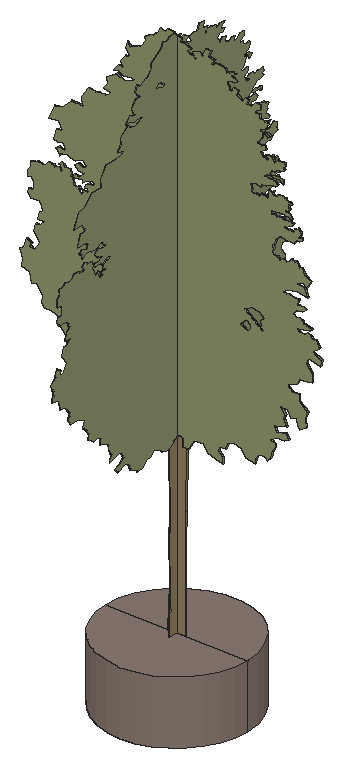
Revit family "L-PL상록교목_후박나무", category 수목, Revit 2019
Family settings
  OmniClass 번호 = 23.40.05.00
  OmniClass 제목 = Plants and Planting Products
  작업 기준면 기반 = 아니오
  항상 수직 = 예
  로드될 때 보이드를 사용하여 절단 = 아니오
  렌더 모양 소스 = 패밀리 형상
  공유 = 아니오
Parameters (values of type "후박나무")
  한국산업규격KS = ""
  콘 높이 = 뿌리분 직경 / 4  # 272.5 mm
  조달청표준공사코드-세부공종 = "10161599202809"
  뿌리분 직경 = (24 mm + ((R / 10) - 3 mm) * 5) * 10  # 1090 mm
  뿌리분 높이 = 뿌리분 직경 / 2  # 545 mm
  높이 = 5000 mm
  건설정보분류체계-부위분류 = "E985"
  R = 200 mm
  LIM_INFO_주의사항 = "재배포, 재가공, 판매 금지"
  LIM_INFO_제작일 = "20211210"
  LIM_INFO_버전 = "2022_V01"
  LIM_INFO_PL_학명 = "Quercus myrsinaefolia Bl."
  LIM_INFO_PL_품명 = "가시나무"
  LIM_INFO_PL_주당인정수량 = 0
  LIM_INFO_PL_수목단위 = "주"
  LIM_INFO_PL_규격 = "5.0H X 18R"
  LIM_INFO_PL_구분 = "상록교목"
  LIM_INFO_PL_가격 = 0
  LIM_INFO_PL_Qty [instance] = 0
  LIM_INFO_PL_M2당수량 = 0
  KBIMS_식별-버전 = ""
  KBIMS_식별-bSK등록번호 = ""
  KBIMS_보급정보-저작자 = "림인포테크_MMJ"
  KBIMS_보급정보-보급코드 = ""
  H = 높이  # 5000 mm
Reference planes
  plane 1 "중심(앞/뒤)": y = 0
  plane 2: z = 0
  plane 3 "중심(왼쪽/오른쪽)": x = 0
  plane 4: x = 482.5
  plane 5: x = -607.5
  plane 6: z = -545
  plane 7: z = -817.5
  plane 8: z = 5000
  plane 9: x = -100
  plane 10: x = 100
Forms (mm)
  Revolve 1, solid, material "흙"
    sketch origin (0, 0, 0) x (1, 0, 0) y (0, 0, 1)
      loop
        line (0, 0) -> (-607.5, 0) -> (-607.5, -545) -> (0, -545) -> (0, 0)
      axis (0, 0) -> (0, -545)
    angle from 0 to 360
  Revolve 2, solid, material "흙"
    sketch origin (0, 0, 0) x (1, 0, 0) y (0, 0, 1)
      loop
        line (0, -545) -> (-607.5, -545) -> (0, -817.5) -> (0, -545)
      axis (0, -545) -> (0, -817.5)
    angle from 0 to 360
Dimensions and locks
  "뿌리분 직경": plane 4 to plane 5
  "뿌리분 높이": plane 6 to level
  "콘 높이": plane 7 to plane 6
  "H": level to plane 8
  "R": plane 9 to plane 10
  aligned and locked: level to plane 2
Automatic sketch dimensions
  Revolve 1 sketch curve to level = 0 mm  (x2)
  Revolve 1 sketch curve to plane 5 = 0 mm
  Revolve 1 sketch curve to plane 3 "중심(왼쪽/오른쪽)" = 0 mm  (x2)
  Revolve 1 sketch curve to plane 6 = 0 mm  (x2)
  Revolve 2 sketch curve to plane 5 = 0 mm
  Revolve 2 sketch curve to plane 3 "중심(왼쪽/오른쪽)" = 0 mm  (x2)
  Revolve 2 sketch curve to plane 7 = 0 mm  (x2)
  Revolve 2 sketch curve to plane 6 = 0 mm  (x2)
Nested families
  nested 1: "후박나무_base" at (0, 0, 0), type "후박나무_base"
Definition of nested family "후박나무_base"
  Parameters (values of type "후박나무_base")
    Height = 6000 mm
  Reference planes
    plane 1 "중심(앞/뒤)": y = 0
    plane 2: z = 0
    plane 3 "중심(왼쪽/오른쪽)": x = 0
  Forms (mm)
    Revolve 1, solid, detail levels coarse
      sketch origin (0, 0, 0) x (1, 0, 0) y (0, 0, 1)
        loop
          line (0, 0) -> (0, 4522.788)
          arc (0, 4522.788) -> (-1127.292, 2987.337) -> (-75, 1399.547) r 1664.24
          line (-75, 1399.547) -> (-75, 0) -> (0, 0)
        axis (0, 4522.788) -> (0, 0)
      angle from 0 to 360
    Extrusion 2, solid, detail levels fine
      sketch origin (0, 0, 0) x (1, 0, 0) y (0, 0, 1)
        loop
          line (-1167.888, 2574.803) -> (-1210.711, 2503.072) -> (-1250.062, 2523.897) -> (-1235.016, 2548.193) -> (-1274.367, 2573.646) -> (-1303.301, 2497.287) -> (-1336.865, 2471.834) -> (-1312.56, 2409.358) -> (-1324.134, 2341.098) -> (-1253.534, 2321.429) -> (-1234.368, 2245.396) -> (-1195.648, 2248.264) -> (-1141.154, 2180.887) -> (-1150.475, 2119.962) -> (-1126.814, 2086.273) -> (-1067.3, 2086.273) -> (-976.587, 2057.967) -> (-998.264, 1996.382) -> (-969.742, 1973.573) -> (-933.233, 1926.813) -> (-937.797, 1886.897) -> (-886.457, 1850.402) -> (-839.681, 1860.666) -> (-810.018, 1836.716) -> (-812.3, 1791.097) -> (-763.557, 1782.382) -> (-722.293, 1761.047) -> (-720.159, 1716.954) -> (-705.219, 1677.128) -> (-680.318, 1666.46) -> (-708.776, 1635.168) -> (-708.077, 1607.529) -> (-651.478, 1627.898) -> (-599.406, 1648.266) -> (-564.315, 1580.372) -> (-606.198, 1546.424) -> (-656.006, 1530.582) -> (-625.442, 1500.03) -> (-551.863, 1529.451) -> (-512.243, 1515.872) -> (-489.604, 1460.424) -> (-427.344, 1435.53) -> (-413.76, 1414.03) -> (-361.689, 1419.688) -> (-326.597, 1459.293) -> (-279.054, 1464.951) -> (-238.302, 1502.293) -> (-182.834, 1480.793) -> (-150.77, 1447.904) -> (-105.534, 1433.772) -> (-25.664, 1455.676) -> (24.52, 1517.853) -> (59.236, 1506.445) -> (54.817, 1443.717) -> (104.311, 1438.416) -> (153.804, 1519.256) -> (229.813, 1524.557) -> (265.885, 1473.029) -> (337.418, 1450.595) -> (397.029, 1430.966) -> (397.73, 1484.246) -> (361.262, 1519.298) -> (365.47, 1548.742) -> (422.977, 1555.051) -> (439.107, 1598.516) -> (492.406, 1628.661) -> (561.133, 1604.125) -> (590.588, 1548.041) -> (676.848, 1527.71) -> (678.251, 1568.371) -> (707.705, 1606.228) -> (753.357, 1607.484) -> (778.955, 1586.346) -> (807.891, 1618.61) -> (822.36, 1682.025) -> (846.845, 1712.064) -> (844.619, 1739.877) -> (805.665, 1762.128) -> (856.861, 1789.942) -> (920.707, 1794.541) -> (960.669, 1813.405) -> (940.688, 1855.572) -> (859.654, 1838.927) -> (841.893, 1879.984) -> (943.931, 1907.762) -> (917.334, 1966.255) -> (933.292, 1991.07) -> (890.737, 2044.246) -> (949.251, 2038.928) -> (974.075, 1983.98) -> (1029.043, 1999.933) -> (1032.589, 1944.985) -> (1052.094, 1921.942) -> (1108.835, 1960.938) -> (1103.515, 2021.203) -> (1124.793, 2079.696) -> (1052.094, 2143.506) -> (1052.094, 2191.364) -> (993.58, 2191.364) -> (949.251, 2226.814) -> (1032.589, 2265.809) -> (1055.64, 2303.032) -> (1122.803, 2317.568) -> (1160.04, 2321.113) -> (1160.04, 2390.241) -> (1113.938, 2450.506) -> (1126.35, 2489.502) -> (1232.739, 2470.004) -> (1243.378, 2519.634) -> (1160.04, 2558.629) -> (1223.873, 2604.715) -> (1196.788, 2659.968) -> (1164.381, 2656.522) -> (1149.902, 2672.375) -> (1116.805, 2686.849) -> (1104.394, 2666.172) -> (1051.992, 2671.686) -> (1039.581, 2687.539) -> (1084.399, 2701.324) -> (1140.938, 2707.527) -> (1159.555, 2728.205) -> (1125.769, 2739.233) -> (1086.467, 2747.504) -> (1086.467, 2763.357) -> (1051.992, 2777.831) -> (1024.411, 2766.803) -> (998.21, 2787.481) -> (1028.548, 2827.458) -> (1077.503, 2835.729) -> (1110.139, 2857.07) -> (1083.775, 2870.247) -> (1032.144, 2868.051) -> (1049.72, 2918.565) -> (1010.173, 2913.074) -> (958.543, 2927.35) -> (906.912, 2925.153) -> (954.149, 2955.901) -> (1033.242, 2971.275) -> (1121.124, 2956.999) -> (1096.957, 3020.69) -> (1006.878, 3032.77) -> (1079.38, 3054.732) -> (1115.632, 3031.672) -> (1152.982, 3090.97) -> (1098.055, 3121.718) -> (1076.225, 3169.518) -> (1055.728, 3159.957) -> (1034.547, 3202.302) -> (1001.069, 3196.155) -> (984.671, 3207.083) -> (972.373, 3190.008) -> (947.776, 3168.835) -> (904.049, 3177.714) -> (886.285, 3159.274) -> (866.471, 3181.812) -> (828.209, 3179.763) -> (810.445, 3205.717) -> (831.625, 3224.158) -> (824.793, 3258.99) -> (840.508, 3267.186) -> (850.756, 3307.482) -> (892.434, 3345.047) -> (946.059, 3326.648) -> (977.505, 3335.994) -> (1005.976, 3331.746) -> (1026.799, 3356.809) -> (1052.296, 3358.508) -> (1078.217, 3373.8) -> (1075.668, 3392.916) -> (1046.43, 3390.622) -> (1066.007, 3413.1) -> (1065.159, 3441.911) -> (1043.544, 3458.858) -> (1026.166, 3441.911) -> (1010.484, 3441.487) -> (1004.974, 3423.268) -> (938.855, 3422.845) -> (928.259, 3431.742) -> (951.57, 3440.64) -> (971.491, 3457.587) -> (989.716, 3457.587) -> (1004.127, 3478.348) -> (959.199, 3491.058) -> (943.517, 3478.771) -> (923.597, 3485.55) -> (882.484, 3492.753) -> (855.359, 3485.127) -> (846.458, 3497.837) -> (816.789, 3494.871) -> (815.518, 3510.971) -> (844.339, 3512.666) -> (861.716, 3526.224) -> (880.365, 3518.174) -> (907.491, 3526.224) -> (935.041, 3518.174) -> (950.299, 3520.292) -> (986.749, 3502.498) -> (991.411, 3515.632) -> (975.415, 3540.398) -> (935.574, 3555.923) -> (955.157, 3559.973) -> (972.038, 3578.199) -> (961.909, 3590.349) -> (959.884, 3610.599) -> (989.595, 3619.375) -> (973.389, 3632.875) -> (947.054, 3628.825) -> (937.6, 3651.1) -> (897.084, 3658.526) -> (876.151, 3646.375) -> (849.816, 3630.85) -> (833.61, 3638.95) -> (814.027, 3659.876) -> (784.991, 3661.901) -> (787.016, 3621.4) -> (776.212, 3602.499) -> (760.006, 3612.624) -> (726.918, 3616) -> (713.413, 3595.749) -> (685.052, 3601.824) -> (663.443, 3587.649) -> (633.056, 3601.824) -> (643.861, 3610.599) -> (638.459, 3642.325) -> (633.056, 3659.201) -> (669.521, 3674.051) -> (720.165, 3663.251) -> (727.593, 3680.126) -> (770.512, 3686.687) -> (804.955, 3709.816) -> (844.131, 3707.451) -> (867.688, 3726.576) -> (844.709, 3754.559) -> (794.155, 3748.712) -> (757.807, 3761.241) -> (772.43, 3775.859) -> (794.509, 3783.976) -> (817.012, 3818.551) -> (840.347, 3820.633) -> (860.766, 3842.295) -> (893.27, 3841.878) -> (927.857, 3861.456) -> (914.522, 3877.286) -> (930.774, 3891.865) -> (926.19, 3921.024) -> (891.603, 3913.11) -> (862.017, 3915.609) -> (836.597, 3892.282) -> (830.865, 3908.277) -> (817.582, 3929.024) -> (778.149, 3929.024) -> (752.414, 3914.086) -> (786.866, 3901.638) -> (785.205, 3875.082) -> (744.527, 3899.563) -> (720.037, 3933.588) -> (763.206, 3963.463) -> (758.64, 3991.679) -> (717.962, 3981.72) -> (695.962, 3989.604) -> (689.736, 4004.956) -> (710.905, 4011.181) -> (733.32, 4045.205) -> (734.571, 4080.127) -> (715.965, 4088.393) -> (718.033, 4104.099) -> (761.446, 4121.458) -> (785.427, 4158.656) -> (777.158, 4181.389) -> (741.1, 4175.982) -> (712.737, 4189.169) -> (712.737, 4215.543) -> (677.12, 4212.246) -> (675.8, 4228.071) -> (715.376, 4253.126) -> (717.354, 4289.39) -> (676.46, 4288.072) -> (646.778, 4260.379) -> (600.607, 4257.082) -> (617.595, 4292.206) -> (593.254, 4296.809) -> (568.255, 4266.558) -> (516.283, 4298.782) -> (530.098, 4328.376) -> (489.31, 4340.213) -> (472.206, 4314.565) -> (450.496, 4309.962) -> (453.785, 4338.898) -> (428.128, 4362.572) -> (464.149, 4387.274) -> (495.675, 4380.971) -> (519.845, 4397.778) -> (469.404, 4428.242) -> (512.489, 4453.454) -> (468.353, 4456.605) -> (426.319, 4430.343) -> (421.064, 4461.857) -> (368.521, 4475.514) -> (327.538, 4473.413) -> (323.334, 4448.201) -> (303.163, 4459.758) -> (330.485, 4493.374) -> (275.841, 4504.929) -> (295.807, 4552.2) -> (247.468, 4552.2) -> (224.349, 4495.475) -> (195.976, 4509.131) -> (142.382, 4493.374) -> (165.501, 4450.304) -> (85.635, 4480.768) -> (126.619, 4509.131) -> (108.169, 4518.573) -> (81.759, 4535.373) -> (37.343, 4535.373) -> (44.546, 4562.973) -> (-1.071, 4564.173) -> (-21.479, 4590.573) -> (-73.098, 4590.573) -> (-95.906, 4564.173) -> (-136.721, 4579.773) -> (-160.73, 4534.173) -> (-220.752, 4494.573) -> (-268.769, 4465.773) -> (-259.166, 4434.573) -> (-308.384, 4370.973) -> (-325.19, 4375.773) -> (-388.814, 4345.772) -> (-417.624, 4375.773) -> (-434.43, 4322.972) -> (-392.415, 4268.972) -> (-436.243, 4261.75) -> (-474.493, 4210.13) -> (-449.63, 4160.422) -> (-493.619, 4169.981) -> (-535.695, 4118.361) -> (-503.182, 4129.832) -> (-449.63, 4104.978) -> (-384.604, 4112.626) -> (-348.265, 4097.331) -> (-443.893, 4064.829) -> (-508.919, 4099.243) -> (-593.071, 4041.887) -> (-583.508, 3990.267) -> (-623.672, 3946.295) -> (-560.558, 3934.824) -> (-581.596, 3909.97) -> (-681.031, 3897.294) -> (-745.888, 3903.015) -> (-805.023, 3815.299) -> (-797.392, 3752.372) -> (-894.678, 3758.093) -> (-974.795, 3678.005) -> (-1041.56, 3666.563) -> (-1089.249, 3559.779) -> (-1007.224, 3563.593) -> (-969.073, 3498.759) -> (-1022.484, 3493.038) -> (-1049.975, 3407.257) -> (-1012.095, 3401.317) -> (-967.531, 3406.515) -> (-951.933, 3384.983) -> (-949.705, 3354.542) -> (-1004.668, 3366.421) -> (-1033.635, 3346.375) -> (-1006.896, 3327.07) -> (-1000.211, 3300.342) -> (-980.157, 3321.131) -> (-928.908, 3328.555) -> (-902.17, 3312.964) -> (-858.348, 3310.736) -> (-800.414, 3338.208) -> (-780.36, 3312.964) -> (-755.107, 3292.917) -> (-797.443, 3282.522) -> (-830.867, 3304.054) -> (-868.746, 3272.128) -> (-836.066, 3236.489) -> (-779.618, 3233.519) -> (-826.891, 3200.931) -> (-868.107, 3206.081) -> (-887.978, 3192.102) -> (-865.163, 3175.181) -> (-804.076, 3180.331) -> (-796.716, 3165.616) -> (-770.22, 3186.952) -> (-722.381, 3201.667) -> (-697.357, 3190.631) -> (-707.661, 3171.502) -> (-745.197, 3175.181) -> (-777.58, 3153.109) -> (-784.204, 3126.623) -> (-760.652, 3126.623) -> (-756.972, 3110.437) -> (-798.188, 3106.759) -> (-802.604, 3091.309) -> (-785.676, 3078.066) -> (-821.003, 3076.594) -> (-834.987, 3103.08) -> (-814.379, 3108.23) -> (-831.307, 3127.359) -> (-854.123, 3110.437) -> (-873.994, 3116.323) -> (-879.146, 3152.373) -> (-900.49, 3175.916) -> (-896.074, 3197.988) -> (-906.378, 3231.096) -> (-952.745, 3229.624) -> (-960.981, 3248.276) -> (-981.661, 3258.842) -> (-1004.179, 3234.495) -> (-989.933, 3233.576) -> (-977.065, 3188.556) -> (-1006.936, 3207.85) -> (-1037.267, 3199.581) -> (-1045.998, 3215.66) -> (-1086.439, 3217.497) -> (-1112.633, 3187.178) -> (-1149.856, 3181.206) -> (-1182.944, 3194.988) -> (-1204.083, 3175.694) -> (-1246.362, 3169.262) -> (-1241.096, 3125.22) -> (-1266.721, 3097.408) -> (-1271.114, 3045.444) -> (-1238.167, 3052.763) -> (-1222.2, 3016.579) -> (-1220.83, 2962.268) -> (-1263.102, 2958.382) -> (-1273.121, 2926.973) -> (-1245.343, 2891.012) -> (-1171.714, 2894.382) -> (-1149.949, 2863.922) -> (-1139.792, 2824.759) -> (-1168.812, 2809.529) -> (-1186.949, 2752.961) -> (-1128.909, 2750.06) -> (-1165.91, 2708.722) -> (-1199.137, 2710.167) -> (-1219.97, 2646.534) -> (-1167.888, 2574.803)
        loop
          line (606.754, 2522.479) -> (637.69, 2544.126) -> (637.69, 2582.009) -> (599.02, 2602.883) -> (551.843, 2560.362) -> (606.754, 2522.479)
        loop
          line (708.45, 2705.541) -> (644.544, 2719.054) -> (584.325, 2680.97) -> (735.487, 2570.404) -> (721.969, 2641.658) -> (756.468, 2669.428) -> (708.45, 2705.541)
        loop
          line (-221.695, 4254.365) -> (-168.347, 4241.303) -> (-133.292, 4224.494) -> (-115.861, 4260.845) -> (-146.302, 4260.845) -> (-184.341, 4295.439) -> (-221.695, 4254.365)
        loop
          line (911.975, 3781.288) -> (851.394, 3795.488) -> (804.183, 3780.453) -> (830.086, 3767.924) -> (882.729, 3773.771) -> (914.482, 3748.712) -> (911.975, 3781.288)
        loop
          line (777.319, 4057.653) -> (805.13, 4078.4) -> (782.715, 4094.582) -> (746.603, 4088.358) -> (770.678, 4070.101) -> (777.319, 4057.653)
      from 0 to 5
    Extrusion 3, solid, detail levels fine
      sketch origin (0, 0, 0) x (1, 0, 0) y (0, 0, 1)
        loop
          line (-60.69, 865.823) -> (-66.982, 710.119) -> (-60.139, 361.472) -> (-75, 0) -> (75, 0) -> (75, 169.791) -> (75, 380.891) -> (75, 711.786) -> (80.29, 950.912) -> (88.399, 1437.955) -> (52.62, 1441.528) -> (56.803, 1503.952) -> (24.833, 1514.406) -> (-24.467, 1452.579) -> (-67.791, 1440.931) -> (-67.251, 1411.592) -> (-60.69, 865.823)
      from 0 to 5
    Extrusion 4, solid, detail levels fine
      sketch origin (-6.071, -3.929, 0) x (0, 1, 0) y (0, 0, 1)
        loop
          line (-1167.888, 2574.803) -> (-1210.711, 2503.072) -> (-1250.062, 2523.897) -> (-1235.016, 2548.193) -> (-1274.367, 2573.646) -> (-1303.301, 2497.287) -> (-1336.865, 2471.834) -> (-1312.56, 2409.358) -> (-1324.134, 2341.098) -> (-1253.534, 2321.429) -> (-1234.368, 2245.396) -> (-1195.648, 2248.264) -> (-1141.154, 2180.887) -> (-1150.475, 2119.962) -> (-1126.814, 2086.273) -> (-1067.3, 2086.273) -> (-976.587, 2057.967) -> (-998.264, 1996.382) -> (-969.742, 1973.573) -> (-933.233, 1926.813) -> (-937.797, 1886.897) -> (-886.457, 1850.402) -> (-839.681, 1860.666) -> (-810.018, 1836.716) -> (-812.3, 1791.097) -> (-763.557, 1782.382) -> (-722.293, 1761.047) -> (-720.159, 1716.954) -> (-705.219, 1677.128) -> (-680.318, 1666.46) -> (-708.776, 1635.168) -> (-708.077, 1607.529) -> (-651.478, 1627.898) -> (-599.406, 1648.266) -> (-564.315, 1580.372) -> (-606.198, 1546.424) -> (-656.006, 1530.582) -> (-625.442, 1500.03) -> (-551.863, 1529.451) -> (-512.243, 1515.872) -> (-489.604, 1460.424) -> (-427.344, 1435.53) -> (-413.76, 1414.03) -> (-361.689, 1419.688) -> (-326.597, 1459.293) -> (-279.054, 1464.951) -> (-238.302, 1502.293) -> (-182.834, 1480.793) -> (-150.77, 1447.904) -> (-105.534, 1433.772) -> (-25.664, 1455.676) -> (24.52, 1517.853) -> (59.236, 1506.445) -> (54.817, 1443.717) -> (104.311, 1438.416) -> (153.804, 1519.256) -> (229.813, 1524.557) -> (265.885, 1473.029) -> (337.418, 1450.595) -> (397.029, 1430.966) -> (397.73, 1484.246) -> (361.262, 1519.298) -> (365.47, 1548.742) -> (422.977, 1555.051) -> (439.107, 1598.516) -> (492.406, 1628.661) -> (561.133, 1604.125) -> (590.588, 1548.041) -> (676.848, 1527.71) -> (678.251, 1568.371) -> (707.705, 1606.228) -> (753.357, 1607.484) -> (778.955, 1586.346) -> (807.891, 1618.61) -> (822.36, 1682.025) -> (846.845, 1712.064) -> (844.619, 1739.877) -> (805.665, 1762.128) -> (856.861, 1789.942) -> (920.707, 1794.541) -> (960.669, 1813.405) -> (940.688, 1855.572) -> (859.654, 1838.927) -> (841.893, 1879.984) -> (943.931, 1907.762) -> (917.334, 1966.255) -> (933.292, 1991.07) -> (890.737, 2044.246) -> (949.251, 2038.928) -> (974.075, 1983.98) -> (1029.043, 1999.933) -> (1032.589, 1944.985) -> (1052.094, 1921.942) -> (1108.835, 1960.938) -> (1103.515, 2021.203) -> (1124.793, 2079.696) -> (1052.094, 2143.506) -> (1052.094, 2191.364) -> (993.58, 2191.364) -> (949.251, 2226.814) -> (1032.589, 2265.809) -> (1055.64, 2303.032) -> (1122.803, 2317.568) -> (1160.04, 2321.113) -> (1160.04, 2390.241) -> (1113.938, 2450.506) -> (1126.35, 2489.502) -> (1232.739, 2470.004) -> (1243.378, 2519.634) -> (1160.04, 2558.629) -> (1223.873, 2604.715) -> (1196.788, 2659.968) -> (1164.381, 2656.522) -> (1149.902, 2672.375) -> (1116.805, 2686.849) -> (1104.394, 2666.172) -> (1051.992, 2671.686) -> (1039.581, 2687.539) -> (1084.399, 2701.324) -> (1140.938, 2707.527) -> (1159.555, 2728.205) -> (1125.769, 2739.233) -> (1086.467, 2747.504) -> (1086.467, 2763.357) -> (1051.992, 2777.831) -> (1024.411, 2766.803) -> (998.21, 2787.481) -> (1028.548, 2827.458) -> (1077.503, 2835.729) -> (1110.139, 2857.07) -> (1083.775, 2870.247) -> (1032.144, 2868.051) -> (1049.72, 2918.565) -> (1010.173, 2913.074) -> (958.543, 2927.35) -> (906.912, 2925.153) -> (954.149, 2955.901) -> (1033.242, 2971.275) -> (1121.124, 2956.999) -> (1096.957, 3020.69) -> (1006.878, 3032.77) -> (1079.38, 3054.732) -> (1115.632, 3031.672) -> (1152.982, 3090.97) -> (1098.055, 3121.718) -> (1076.225, 3169.518) -> (1055.728, 3159.957) -> (1034.547, 3202.302) -> (1001.069, 3196.155) -> (984.671, 3207.083) -> (972.373, 3190.008) -> (947.776, 3168.835) -> (904.049, 3177.714) -> (886.285, 3159.274) -> (866.471, 3181.812) -> (828.209, 3179.763) -> (810.445, 3205.717) -> (831.625, 3224.158) -> (824.793, 3258.99) -> (840.508, 3267.186) -> (850.756, 3307.482) -> (892.434, 3345.047) -> (946.059, 3326.648) -> (977.505, 3335.994) -> (1005.976, 3331.746) -> (1026.799, 3356.809) -> (1052.296, 3358.508) -> (1078.217, 3373.8) -> (1075.668, 3392.916) -> (1046.43, 3390.622) -> (1066.007, 3413.1) -> (1065.159, 3441.911) -> (1043.544, 3458.858) -> (1026.166, 3441.911) -> (1010.484, 3441.487) -> (1004.974, 3423.268) -> (938.855, 3422.845) -> (928.259, 3431.742) -> (951.57, 3440.64) -> (971.491, 3457.587) -> (989.716, 3457.587) -> (1004.127, 3478.348) -> (959.199, 3491.058) -> (943.517, 3478.771) -> (923.597, 3485.55) -> (882.484, 3492.753) -> (855.359, 3485.127) -> (846.458, 3497.837) -> (816.789, 3494.871) -> (815.518, 3510.971) -> (844.339, 3512.666) -> (861.716, 3526.224) -> (880.365, 3518.174) -> (907.491, 3526.224) -> (935.041, 3518.174) -> (950.299, 3520.292) -> (986.749, 3502.498) -> (991.411, 3515.632) -> (975.415, 3540.398) -> (935.574, 3555.923) -> (955.157, 3559.973) -> (972.038, 3578.199) -> (961.909, 3590.349) -> (959.884, 3610.599) -> (989.595, 3619.375) -> (973.389, 3632.875) -> (947.054, 3628.825) -> (937.6, 3651.1) -> (897.084, 3658.526) -> (876.151, 3646.375) -> (849.816, 3630.85) -> (833.61, 3638.95) -> (814.027, 3659.876) -> (784.991, 3661.901) -> (787.016, 3621.4) -> (776.212, 3602.499) -> (760.006, 3612.624) -> (726.918, 3616) -> (713.413, 3595.749) -> (685.052, 3601.824) -> (663.443, 3587.649) -> (633.056, 3601.824) -> (643.861, 3610.599) -> (638.459, 3642.325) -> (633.056, 3659.201) -> (669.521, 3674.051) -> (720.165, 3663.251) -> (727.593, 3680.126) -> (770.512, 3686.687) -> (804.955, 3709.816) -> (844.131, 3707.451) -> (867.688, 3726.576) -> (844.709, 3754.559) -> (794.155, 3748.712) -> (757.807, 3761.241) -> (772.43, 3775.859) -> (794.509, 3783.976) -> (817.012, 3818.551) -> (840.347, 3820.633) -> (860.766, 3842.295) -> (893.27, 3841.878) -> (927.857, 3861.456) -> (914.522, 3877.286) -> (930.774, 3891.865) -> (926.19, 3921.024) -> (891.603, 3913.11) -> (862.017, 3915.609) -> (836.597, 3892.282) -> (830.865, 3908.277) -> (817.582, 3929.024) -> (778.149, 3929.024) -> (752.414, 3914.086) -> (786.866, 3901.638) -> (785.205, 3875.082) -> (744.527, 3899.563) -> (720.037, 3933.588) -> (763.206, 3963.463) -> (758.64, 3991.679) -> (717.962, 3981.72) -> (695.962, 3989.604) -> (689.736, 4004.956) -> (710.905, 4011.181) -> (733.32, 4045.205) -> (734.571, 4080.127) -> (715.965, 4088.393) -> (718.033, 4104.099) -> (761.446, 4121.458) -> (785.427, 4158.656) -> (777.158, 4181.389) -> (741.1, 4175.982) -> (712.737, 4189.169) -> (712.737, 4215.543) -> (677.12, 4212.246) -> (675.8, 4228.071) -> (715.376, 4253.126) -> (717.354, 4289.39) -> (676.46, 4288.072) -> (646.778, 4260.379) -> (600.607, 4257.082) -> (617.595, 4292.206) -> (593.254, 4296.809) -> (568.255, 4266.558) -> (516.283, 4298.782) -> (530.098, 4328.376) -> (489.31, 4340.213) -> (472.206, 4314.565) -> (450.496, 4309.962) -> (453.785, 4338.898) -> (428.128, 4362.572) -> (464.149, 4387.274) -> (495.675, 4380.971) -> (519.845, 4397.778) -> (469.404, 4428.242) -> (512.489, 4453.454) -> (468.353, 4456.605) -> (426.319, 4430.343) -> (421.064, 4461.857) -> (368.521, 4475.514) -> (327.538, 4473.413) -> (323.334, 4448.201) -> (303.163, 4459.758) -> (330.485, 4493.374) -> (275.841, 4504.929) -> (295.807, 4552.2) -> (247.468, 4552.2) -> (224.349, 4495.475) -> (195.976, 4509.131) -> (142.382, 4493.374) -> (165.501, 4450.304) -> (85.635, 4480.768) -> (126.619, 4509.131) -> (108.169, 4518.573) -> (81.759, 4535.373) -> (37.343, 4535.373) -> (44.546, 4562.973) -> (-1.071, 4564.173) -> (-21.479, 4590.573) -> (-73.098, 4590.573) -> (-95.906, 4564.173) -> (-136.721, 4579.773) -> (-160.73, 4534.173) -> (-220.752, 4494.573) -> (-268.769, 4465.773) -> (-259.166, 4434.573) -> (-308.384, 4370.973) -> (-325.19, 4375.773) -> (-388.814, 4345.772) -> (-417.624, 4375.773) -> (-434.43, 4322.972) -> (-392.415, 4268.972) -> (-436.243, 4261.75) -> (-474.493, 4210.13) -> (-449.63, 4160.422) -> (-493.619, 4169.981) -> (-535.695, 4118.361) -> (-503.182, 4129.832) -> (-449.63, 4104.978) -> (-384.604, 4112.626) -> (-348.265, 4097.331) -> (-443.893, 4064.829) -> (-508.919, 4099.243) -> (-593.071, 4041.887) -> (-583.508, 3990.267) -> (-623.672, 3946.295) -> (-560.558, 3934.824) -> (-581.596, 3909.97) -> (-681.031, 3897.294) -> (-745.888, 3903.015) -> (-805.023, 3815.299) -> (-797.392, 3752.372) -> (-894.678, 3758.093) -> (-974.795, 3678.005) -> (-1041.56, 3666.563) -> (-1089.249, 3559.779) -> (-1007.224, 3563.593) -> (-969.073, 3498.759) -> (-1022.484, 3493.038) -> (-1049.975, 3407.257) -> (-1012.095, 3401.317) -> (-967.531, 3406.515) -> (-951.933, 3384.983) -> (-949.705, 3354.542) -> (-1004.668, 3366.421) -> (-1033.635, 3346.375) -> (-1006.896, 3327.07) -> (-1000.211, 3300.342) -> (-980.157, 3321.131) -> (-928.908, 3328.555) -> (-902.17, 3312.964) -> (-858.348, 3310.736) -> (-800.414, 3338.208) -> (-780.36, 3312.964) -> (-755.107, 3292.917) -> (-797.443, 3282.522) -> (-830.867, 3304.054) -> (-868.746, 3272.128) -> (-836.066, 3236.489) -> (-779.618, 3233.519) -> (-826.891, 3200.931) -> (-868.107, 3206.081) -> (-887.978, 3192.102) -> (-865.163, 3175.181) -> (-804.076, 3180.331) -> (-796.716, 3165.616) -> (-770.22, 3186.952) -> (-722.381, 3201.667) -> (-697.357, 3190.631) -> (-707.661, 3171.502) -> (-745.197, 3175.181) -> (-777.58, 3153.109) -> (-784.204, 3126.623) -> (-760.652, 3126.623) -> (-756.972, 3110.437) -> (-798.188, 3106.759) -> (-802.604, 3091.309) -> (-785.676, 3078.066) -> (-821.003, 3076.594) -> (-834.987, 3103.08) -> (-814.379, 3108.23) -> (-831.307, 3127.359) -> (-854.123, 3110.437) -> (-873.994, 3116.323) -> (-879.146, 3152.373) -> (-900.49, 3175.916) -> (-896.074, 3197.988) -> (-906.378, 3231.096) -> (-952.745, 3229.624) -> (-960.981, 3248.276) -> (-981.661, 3258.842) -> (-1004.179, 3234.495) -> (-989.933, 3233.576) -> (-977.065, 3188.556) -> (-1006.936, 3207.85) -> (-1037.267, 3199.581) -> (-1045.998, 3215.66) -> (-1086.439, 3217.497) -> (-1112.633, 3187.178) -> (-1149.856, 3181.206) -> (-1182.944, 3194.988) -> (-1204.083, 3175.694) -> (-1246.362, 3169.262) -> (-1241.096, 3125.22) -> (-1266.721, 3097.408) -> (-1271.114, 3045.444) -> (-1238.167, 3052.763) -> (-1222.2, 3016.579) -> (-1220.83, 2962.268) -> (-1263.102, 2958.382) -> (-1273.121, 2926.973) -> (-1245.343, 2891.012) -> (-1171.714, 2894.382) -> (-1149.949, 2863.922) -> (-1139.792, 2824.759) -> (-1168.812, 2809.529) -> (-1186.949, 2752.961) -> (-1128.909, 2750.06) -> (-1165.91, 2708.722) -> (-1199.137, 2710.167) -> (-1219.97, 2646.534) -> (-1167.888, 2574.803)
        loop
          line (606.754, 2522.479) -> (637.69, 2544.126) -> (637.69, 2582.009) -> (599.02, 2602.883) -> (551.843, 2560.362) -> (606.754, 2522.479)
        loop
          line (708.45, 2705.541) -> (644.544, 2719.054) -> (584.325, 2680.97) -> (735.487, 2570.404) -> (721.969, 2641.658) -> (756.468, 2669.428) -> (708.45, 2705.541)
        loop
          line (-221.695, 4254.365) -> (-168.347, 4241.303) -> (-133.292, 4224.494) -> (-115.861, 4260.845) -> (-146.302, 4260.845) -> (-184.341, 4295.439) -> (-221.695, 4254.365)
        loop
          line (911.975, 3781.288) -> (851.394, 3795.488) -> (804.183, 3780.453) -> (830.086, 3767.924) -> (882.729, 3773.771) -> (914.482, 3748.712) -> (911.975, 3781.288)
        loop
          line (777.319, 4057.653) -> (805.13, 4078.4) -> (782.715, 4094.582) -> (746.603, 4088.358) -> (770.678, 4070.101) -> (777.319, 4057.653)
      from 0 to 5
    Extrusion 5, solid, detail levels fine
      sketch origin (-6.071, -3.929, 0) x (0, 1, 0) y (0, 0, 1)
        loop
          line (-60.69, 865.823) -> (-66.982, 710.119) -> (-60.139, 361.472) -> (-75, 0) -> (75, 0) -> (75, 169.791) -> (75, 380.891) -> (75, 711.786) -> (80.29, 950.912) -> (88.399, 1437.955) -> (52.62, 1441.528) -> (56.803, 1503.952) -> (24.833, 1514.406) -> (-24.467, 1452.579) -> (-67.791, 1440.931) -> (-67.251, 1411.592) -> (-60.69, 865.823)
      from 0 to 5
  Lines and regions (mm)
    symbolic lines
      curve 1: line (-439.926, 553.157, 0) -> (-707.115, 455.503, 0)
      curve 2: line (-263.399, 456.539, 0) -> (-638.228, 681.272, 0)
      curve 3: line (-837.059, 641.132, 0) -> (-969.223, 651.624, 0)
      curve 4: line (-969.223, 651.624, 0) -> (-917.826, 725.07, 0)
      curve 5: line (-917.826, 725.07, 0) -> (-756.292, 693.593, 0)
      curve 6: line (-756.292, 693.593, 0) -> (-748.949, 609.654, 0)
      curve 7: line (-748.949, 609.654, 0) -> (-770.976, 515.223, 0)
      curve 8: line (-770.976, 515.223, 0) -> (-866.428, 557.193, 0)
      curve 9: line (-866.428, 557.193, 0) -> (-873.771, 483.746, 0)
      curve 10: line (-873.771, 483.746, 0) -> (-976.565, 515.223, 0)
      curve 11: line (-976.565, 515.223, 0) -> (-1049.99, 525.716, 0)
      curve 12: line (-1049.99, 525.716, 0) -> (-1049.99, 399.807, 0)
      curve 13: line (-1049.99, 399.807, 0) -> (-1167.469, 420.792, 0)
      curve 14: line (-1167.469, 420.792, 0) -> (-1160.127, 462.761, 0)
      curve 15: line (-1160.127, 462.761, 0) -> (-991.25, 473.254, 0)
      curve 16: line (-991.25, 473.254, 0) -> (-1013.278, 326.361, 0)
      curve 17: line (-1013.278, 326.361, 0) -> (-998.593, 137.498, 0)
      curve 18: line (-998.593, 137.498, 0) -> (-939.853, 158.483, 0)
      curve 19: line (-939.853, 158.483, 0) -> (-947.196, 242.422, 0)
      curve 20: line (-947.196, 242.422, 0) -> (-1101.387, 242.422, 0)
      curve 21: line (-1101.387, 242.422, 0) -> (-1116.072, 137.498, 0)
      curve 22: line (-1116.072, 137.498, 0) -> (-1108.73, 22.082, 0)
      curve 23: line (-1108.73, 22.082, 0) -> (-1218.867, 22.082, 0)
      curve 24: line (-1218.867, 22.082, 0) -> (-1226.209, 137.498, 0)
      curve 25: line (-1226.209, 137.498, 0) -> (-1086.702, 137.498, 0)
      curve 26: line (-1086.702, 137.498, 0) -> (-1064.675, -40.872, 0)
      curve 27: line (-1064.675, -40.872, 0) -> (-1079.36, -166.78, 0)
      curve 28: line (-1079.36, -166.78, 0) -> (-998.593, -187.765, 0)
      curve 29: line (-998.593, -187.765, 0) -> (-1005.935, -103.826, 0)
      curve 30: line (-1005.935, -103.826, 0) -> (-1189.497, -103.826, 0)
      curve 31: line (-1189.497, -103.826, 0) -> (-1196.839, -282.196, 0)
      curve 32: line (-1196.839, -282.196, 0) -> (-1152.785, -292.688, 0)
      curve 33: line (-1152.785, -292.688, 0) -> (-1152.785, -208.75, 0)
      curve 34: line (-1152.785, -208.75, 0) -> (-1262.921, -208.75, 0)
      curve 35: line (-1262.921, -208.75, 0) -> (-1248.237, -324.165, 0)
      curve 36: line (-1248.237, -324.165, 0) -> (-1116.072, -334.658, 0)
      curve 37: line (-1116.072, -334.658, 0) -> (-1005.935, -324.165, 0)
      curve 38: line (-1005.935, -324.165, 0) -> (-1013.278, -460.566, 0)
      curve 39: line (-1013.278, -460.566, 0) -> (-1094.045, -460.566, 0)
      curve 40: line (-1094.045, -460.566, 0) -> (-1094.045, -387.12, 0)
      curve 41: line (-1094.045, -387.12, 0) -> (-961.88, -376.627, 0)
      curve 42: line (-961.88, -376.627, 0) -> (-961.88, -586.474, 0)
      curve 43: line (-961.88, -586.474, 0) -> (-1042.648, -575.982, 0)
      curve 44: line (-1042.648, -575.982, 0) -> (-1020.62, -523.52, 0)
      curve 45: line (-1020.62, -523.52, 0) -> (-895.798, -523.52, 0)
      curve 46: line (-895.798, -523.52, 0) -> (-910.483, -659.921, 0)
      curve 47: line (-910.483, -659.921, 0) -> (-1020.62, -670.413, 0)
      curve 48: line (-1020.62, -670.413, 0) -> (-998.593, -775.337, 0)
      curve 49: line (-998.593, -775.337, 0) -> (-807.689, -764.845, 0)
      curve 50: line (-807.689, -764.845, 0) -> (-822.374, -659.921, 0)
      curve 51: line (-822.374, -659.921, 0) -> (-903.141, -680.906, 0)
      curve 52: line (-903.141, -680.906, 0) -> (-888.456, -848.783, 0)
      curve 53: line (-888.456, -848.783, 0) -> (-646.155, -838.291, 0)
      curve 54: line (-646.155, -838.291, 0) -> (-653.497, -890.753, 0)
      curve 55: line (-653.497, -890.753, 0) -> (-726.922, -911.738, 0)
      curve 56: line (-726.922, -911.738, 0) -> (-726.922, -796.322, 0)
      curve 57: line (-726.922, -796.322, 0) -> (-572.73, -775.337, 0)
      curve 58: line (-572.73, -775.337, 0) -> (-572.73, -1006.169, 0)
      curve 59: line (-572.73, -1006.169, 0) -> (-668.182, -1037.646, 0)
      curve 60: line (-668.182, -1037.646, 0) -> (-682.867, -953.707, 0)
      curve 61: line (-682.867, -953.707, 0) -> (-484.62, -932.722, 0)
      curve 62: line (-484.62, -932.722, 0) -> (-484.62, -1121.585, 0)
      curve 63: line (-484.62, -1121.585, 0) -> (-565.388, -1100.6, 0)
      curve 64: line (-565.388, -1100.6, 0) -> (-558.045, -1048.138, 0)
      curve 65: line (-558.045, -1048.138, 0) -> (-403.853, -1048.138, 0)
      curve 66: line (-403.853, -1048.138, 0) -> (-374.484, -932.722, 0)
      curve 67: line (-374.484, -932.722, 0) -> (-212.949, -922.23, 0)
      curve 68: line (-212.949, -922.23, 0) -> (-205.607, -1027.153, 0)
      curve 69: line (-205.607, -1027.153, 0) -> (-286.374, -1037.646, 0)
      curve 70: line (-286.374, -1037.646, 0) -> (-293.716, -869.768, 0)
      curve 71: line (-293.716, -869.768, 0) -> (-102.812, -869.768, 0)
      curve 72: line (-102.812, -869.768, 0) -> (-95.47, -1132.077, 0)
      curve 73: line (-95.47, -1132.077, 0) -> (-418.538, -1100.6, 0)
      curve 74: line (-418.538, -1100.6, 0) -> (-396.511, -1195.031, 0)
      curve 75: line (-396.511, -1195.031, 0) -> (-286.374, -1174.047, 0)
      curve 76: line (-286.374, -1174.047, 0) -> (-315.744, -1069.123, 0)
      curve 77: line (-315.744, -1069.123, 0) -> (-176.237, -1069.123, 0)
      curve 78: line (-176.237, -1069.123, 0) -> (-176.237, -1205.524, 0)
      curve 79: line (-176.237, -1205.524, 0) -> (36.694, -1205.524, 0)
      curve 80: line (36.694, -1205.524, 0) -> (36.694, -1079.615, 0)
      curve 81: line (36.694, -1079.615, 0) -> (-44.073, -1079.615, 0)
      curve 82: line (-44.073, -1079.615, 0) -> (-22.045, -1142.569, 0)
      curve 83: line (-22.045, -1142.569, 0) -> (176.201, -1132.077, 0)
      curve 84: line (176.201, -1132.077, 0) -> (183.544, -964.199, 0)
      curve 85: line (-86.893, 441.072, 0) -> (95.392, 889.424, 0)
      curve 86: line (-121.967, 678.325, 0) -> (-262.375, 829.914, 0)
      curve 87: line (87.066, 394.46, 0) -> (406.548, 774.975, 0)
      curve 88: line (800.31, 829.994, 0) -> (675.489, 829.994, 0)
      curve 89: line (675.489, 829.994, 0) -> (668.146, 756.548, 0)
      curve 90: line (668.146, 756.548, 0) -> (770.941, 767.04, 0)
      curve 91: line (770.941, 767.04, 0) -> (778.283, 913.933, 0)
      curve 92: line (778.283, 913.933, 0) -> (499.269, 903.441, 0)
      curve 93: line (499.269, 903.441, 0) -> (491.927, 987.379, 0)
      curve 94: line (491.927, 987.379, 0) -> (374.448, 987.379, 0)
      curve 95: line (374.448, 987.379, 0) -> (374.448, 1102.795, 0)
      curve 96: line (374.448, 1102.795, 0) -> (484.585, 1102.795, 0)
      curve 97: line (484.585, 1102.795, 0) -> (455.215, 1029.349, 0)
      curve 98: line (455.215, 1029.349, 0) -> (249.626, 1039.841, 0)
      curve 99: line (249.626, 1039.841, 0) -> (198.229, 1197.227, 0)
      curve 100: line (198.229, 1197.227, 0) -> (36.694, 1197.227, 0)
      curve 101: line (36.694, 1197.227, 0) -> (44.037, 1071.318, 0)
      curve 102: line (44.037, 1071.318, 0) -> (146.831, 1102.795, 0)
      curve 103: line (146.831, 1102.795, 0) -> (139.489, 1165.75, 0)
      curve 104: line (139.489, 1165.75, 0) -> (-102.812, 1155.257, 0)
      curve 105: line (-102.812, 1155.257, 0) -> (-132.182, 955.902, 0)
      curve 106: line (-132.182, 955.902, 0) -> (-29.388, 945.41, 0)
      curve 107: line (-29.388, 945.41, 0) -> (-14.703, 1018.856, 0)
      curve 108: line (-14.703, 1018.856, 0) -> (-286.374, 1008.364, 0)
      curve 109: line (552.826, 441.001, 0) -> (455.172, 708.19, 0)
      curve 110: line (-286.374, 1008.364, 0) -> (-293.716, 1144.765, 0)
      curve 111: line (-293.716, 1144.765, 0) -> (-190.922, 1144.765, 0)
      curve 112: line (-190.922, 1144.765, 0) -> (-198.264, 1050.334, 0)
      curve 113: line (-198.264, 1050.334, 0) -> (-396.511, 1092.303, 0)
      curve 114: line (-396.511, 1092.303, 0) -> (-425.881, 945.41, 0)
      curve 115: line (-425.881, 945.41, 0) -> (-543.36, 934.918, 0)
      curve 116: line (-543.36, 934.918, 0) -> (-543.36, 1039.841, 0)
      curve 117: line (-543.36, 1039.841, 0) -> (-455.251, 1029.349, 0)
      curve 118: line (-455.251, 1029.349, 0) -> (-477.278, 987.379, 0)
      curve 119: line (-477.278, 987.379, 0) -> (-646.155, 987.379, 0)
      curve 120: line (-646.155, 987.379, 0) -> (-653.497, 871.963, 0)
      curve 121: line (-653.497, 871.963, 0) -> (-756.292, 861.471, 0)
      curve 122: line (-756.292, 861.471, 0) -> (-770.976, 735.563, 0)
      curve 123: line (-770.976, 735.563, 0) -> (-653.497, 746.055, 0)
      curve 124: line (-653.497, 746.055, 0) -> (-638.812, 809.009, 0)
      curve 125: line (-638.812, 809.009, 0) -> (-837.059, 798.517, 0)
      curve 126: line (-837.059, 798.517, 0) -> (-837.059, 641.132, 0)
      curve 127: line (-749.559, -432.864, 0) -> (22.439, 12.849, 0)
      curve 128: line (22.439, 12.849, 0) -> (131.608, -855.42, 0)
      curve 129: line (-455.464, -263.068, 0) -> (-680.198, -637.897, 0)
      curve 130: line (-439.997, -86.561, 0) -> (-888.349, 95.724, 0)
      curve 131: line (-855.751, -130.534, 0) -> (12.518, -21.364, 0)
      curve 132: line (12.518, -21.364, 0) -> (-857.275, 211.696, 0)
      curve 133: line (-677.25, -121.636, 0) -> (-828.839, -262.044, 0)
      curve 134: line (433.938, -749.227, 0) -> (-11.775, 22.77, 0)
      curve 135: line (-11.775, 22.77, 0) -> (858.018, -210.291, 0)
      curve 136: line (22.439, 12.849, 0) -> (-210.622, -856.944, 0)
      curve 137: line (394.128, -85.992, 0) -> (774.644, -405.474, 0)
      curve 138: line (183.544, -964.199, 0) -> (44.037, -922.23, 0)
      curve 139: line (44.037, -922.23, 0) -> (44.037, -985.184, 0)
      curve 140: line (44.037, -985.184, 0) -> (264.311, -1016.661, 0)
      curve 141: line (264.311, -1016.661, 0) -> (278.996, -1132.077, 0)
      curve 142: line (278.996, -1132.077, 0) -> (455.215, -1142.569, 0)
      curve 143: line (87.636, -439.666, 0) -> (-94.649, -888.018, 0)
      curve 144: line (-552.083, -439.595, 0) -> (-454.429, -706.784, 0)
      curve 145: line (-86.323, -393.054, 0) -> (-405.805, -773.57, 0)
      curve 146: line (455.215, -1142.569, 0) -> (447.872, -1016.661, 0)
      curve 147: line (447.872, -1016.661, 0) -> (330.393, -985.184, 0)
      curve 148: line (330.393, -985.184, 0) -> (359.763, -1058.631, 0)
      curve 149: line (359.763, -1058.631, 0) -> (535.982, -1037.646, 0)
      curve 150: line (535.982, -1037.646, 0) -> (565.352, -838.291, 0)
      curve 151: line (565.352, -838.291, 0) -> (337.735, -827.799, 0)
      curve 152: line (337.735, -827.799, 0) -> (359.763, -890.753, 0)
      curve 153: line (359.763, -890.753, 0) -> (491.927, -890.753, 0)
      curve 154: line (491.927, -890.753, 0) -> (491.927, -743.86, 0)
      curve 155: line (491.927, -743.86, 0) -> (66.064, -754.352, 0)
      curve 156: line (66.064, -754.352, 0) -> (95.434, -838.291, 0)
      curve 157: line (95.434, -838.291, 0) -> (249.626, -859.276, 0)
      curve 158: line (249.626, -859.276, 0) -> (212.913, -670.413, 0)
      curve 159: line (212.913, -670.413, 0) -> (-146.867, -691.398, 0)
      curve 160: line (-146.867, -691.398, 0) -> (-161.552, -775.337, 0)
      curve 161: line (-161.552, -775.337, 0) -> (-0.018, -733.367, 0)
      curve 162: line (-0.018, -733.367, 0) -> (-7.36, -617.952, 0)
      curve 163: line (-7.36, -617.952, 0) -> (-257.004, -649.429, 0)
      curve 164: line (-257.004, -649.429, 0) -> (-271.689, -806.814, 0)
      curve 165: line (-271.689, -806.814, 0) -> (-440.566, -817.306, 0)
      curve 166: line (-440.566, -817.306, 0) -> (-425.881, -743.86, 0)
      curve 167: line (-425.881, -743.86, 0) -> (-234.977, -733.367, 0)
      curve 168: line (-234.977, -733.367, 0) -> (-212.949, -827.799, 0)
      curve 169: line (-212.949, -827.799, 0) -> (-36.73, -817.306, 0)
      curve 170: line (-36.73, -817.306, 0) -> (-22.045, -880.26, 0)
      curve 171: line (-22.045, -880.26, 0) -> (183.544, -880.26, 0)
      curve 172: line (183.544, -880.26, 0) -> (227.598, -943.215, 0)
      curve 173: line (227.598, -943.215, 0) -> (433.187, -932.722, 0)
      curve 174: line (122.71, -676.919, 0) -> (263.118, -828.508, 0)
      curve 175: line (264.143, -455.133, 0) -> (638.971, -679.867, 0)
      curve 176: line (440.67, -551.752, 0) -> (707.858, -454.098, 0)
      curve 177: line (433.187, -932.722, 0) -> (668.146, -932.722, 0)
      curve 178: line (668.146, -932.722, 0) -> (807.653, -953.707, 0)
      curve 179: line (807.653, -953.707, 0) -> (822.338, -806.814, 0)
      curve 180: line (822.338, -806.814, 0) -> (660.804, -806.814, 0)
      curve 181: line (660.804, -806.814, 0) -> (638.776, -869.768, 0)
      curve 182: line (638.776, -869.768, 0) -> (734.228, -859.276, 0)
      curve 183: line (734.228, -859.276, 0) -> (741.571, -733.367, 0)
      curve 184: line (741.571, -733.367, 0) -> (565.352, -701.89, 0)
      curve 185: line (565.352, -701.89, 0) -> (543.324, -754.352, 0)
      curve 186: line (543.324, -754.352, 0) -> (682.831, -754.352, 0)
      curve 187: line (682.831, -754.352, 0) -> (660.804, -596.967, 0)
      curve 188: line (660.804, -596.967, 0) -> (947.16, -649.429, 0)
      curve 189: line (947.16, -649.429, 0) -> (895.762, -701.89, 0)
      curve 190: line (895.762, -701.89, 0) -> (814.995, -659.921, 0)
      curve 191: line (814.995, -659.921, 0) -> (822.338, -544.505, 0)
      curve 192: line (822.338, -544.505, 0) -> (1035.269, -554.997, 0)
      curve 193: line (1035.269, -554.997, 0) -> (1035.269, -701.89, 0)
      curve 194: line (1035.269, -701.89, 0) -> (961.845, -722.875, 0)
      curve 195: line (961.845, -722.875, 0) -> (961.845, -450.074, 0)
      curve 196: line (961.845, -450.074, 0) -> (1152.749, -439.581, 0)
      curve 197: line (1152.749, -439.581, 0) -> (1152.749, -334.658, 0)
      curve 198: line (1152.749, -334.658, 0) -> (881.078, -345.15, 0)
      curve 199: line (881.078, -345.15, 0) -> (859.05, -429.089, 0)
      curve 200: line (859.05, -429.089, 0) -> (969.187, -376.627, 0)
      curve 201: line (969.187, -376.627, 0) -> (1020.584, -187.765, 0)
      curve 202: line (1020.584, -187.765, 0) -> (1174.776, -145.795, 0)
      curve 203: line (1174.776, -145.795, 0) -> (1167.434, -208.75, 0)
      curve 204: line (1167.434, -208.75, 0) -> (1042.612, -250.719, 0)
      curve 205: line (-11.775, 22.77, 0) -> (856.494, 131.939, 0)
      curve 206: line (677.993, 123.041, 0) -> (829.583, 263.449, 0)
      curve 207: line (440.74, 87.967, 0) -> (889.093, -94.318, 0)
      curve 208: line (1042.612, -250.719, 0) -> (1049.954, -9.395, 0)
      curve 209: line (1049.954, -9.395, 0) -> (1226.173, 11.59, 0)
      curve 210: line (1226.173, 11.59, 0) -> (1211.488, 106.021, 0)
      curve 211: line (1211.488, 106.021, 0) -> (1079.324, 95.529, 0)
      curve 212: line (1079.324, 95.529, 0) -> (1145.406, 43.067, 0)
      curve 213: line (1145.406, 43.067, 0) -> (1174.776, 210.945, 0)
      curve 214: line (1174.776, 210.945, 0) -> (1145.406, 315.868, 0)
      curve 215: line (1145.406, 315.868, 0) -> (1005.899, 315.868, 0)
      curve 216: line (1005.899, 315.868, 0) -> (1027.927, 252.914, 0)
      curve 217: line (1027.927, 252.914, 0) -> (1101.351, 284.391, 0)
      curve 218: line (1101.351, 284.391, 0) -> (1101.351, 399.807, 0)
      curve 219: line (1101.351, 399.807, 0) -> (932.475, 410.3, 0)
      curve 220: line (932.475, 410.3, 0) -> (932.475, 588.67, 0)
      curve 221: line (932.475, 588.67, 0) -> (1057.297, 588.67, 0)
      curve 222: line (1057.297, 588.67, 0) -> (1020.584, 546.7, 0)
      curve 223: line (1020.584, 546.7, 0) -> (888.42, 525.716, 0)
      curve 224: line (888.42, 525.716, 0) -> (895.762, 725.07, 0)
      curve 225: line (895.762, 725.07, 0) -> (1005.899, 714.578, 0)
      curve 226: line (1005.899, 714.578, 0) -> (976.53, 662.116, 0)
      curve 227: line (976.53, 662.116, 0) -> (792.968, 672.609, 0)
      curve 228: line (792.968, 672.609, 0) -> (800.31, 829.994, 0)
      curve 229: line (-393.385, 87.397, 0) -> (-773.901, 406.879, 0)
      curve 230: line (750.302, 434.269, 0) -> (-21.695, -11.444, 0)
      curve 231: line (-21.695, -11.444, 0) -> (211.365, 858.349, 0)
      curve 232: line (-21.695, -11.444, 0) -> (-130.865, 856.825, 0)
      curve 233: line (-433.195, 750.633, 0) -> (12.518, -21.364, 0)
      curve 234: line (456.208, 264.474, 0) -> (680.941, 639.302, 0)
  Dimensions and locks
    aligned and locked: level to plane 2
